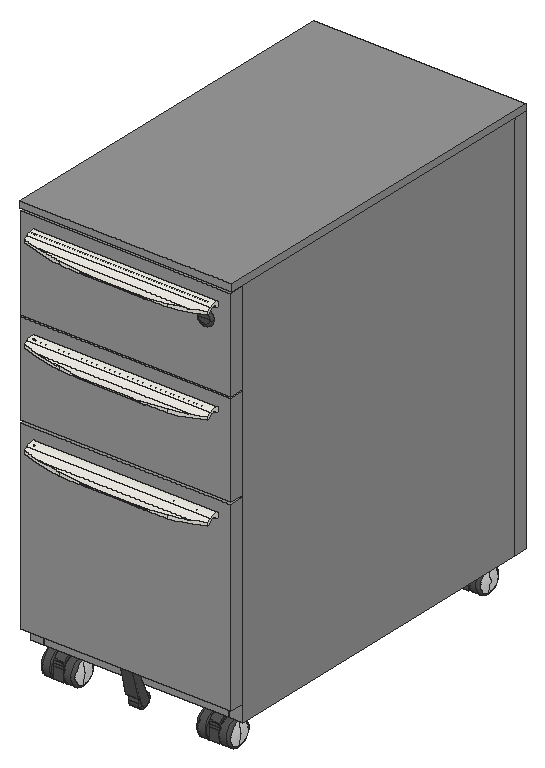
Revit family "Haworth_MSeries_Storage_Pedestal_AP_PRELIMINARY", category Furniture Systems, Revit 2019
Family settings
  Round Connector Dimension = Use Diameter
  Part Type = Normal
  OmniClass Number = 23.40.70.14.64.21
  OmniClass Title = Systems Furniture
  Work Plane-Based = No
  Always vertical = Yes
  Cut with Voids When Loaded = No
  Shared = No
  Room Calculation Point = No
Parameters (values of type "600h 300w 520d")
  with Pull [instance] = not(Side Recess Pull)  # yes
  With Lock = yes
  Warranty = "http://www.haworth.com/resources/product-info/warranties"
  URL - Product = "https://www.haworth.com/ap/en/products/office-drawers/m-series.html"
  URL = "https://www.haworth.com/ap/en.html"
  Tutti Pull [instance] = not(or(Premise Pull, Side Recess Pull))  # no
  Trim Finish = Haworth _ Polymer _ Black
  Total Drawer Height = Actual Height - Bottom Case Offset - Case Thickness - 6 mm  # 530 mm
  Top Thickness = 19 mm  # constant formula
  Top Drawer Height = if(or(Box Box File, Box File), Middle Drawer Height, Bottom Drawer Height)  # 131 mm
  Top Case Back Control = 0 mm
  Standard Storage Height = if(Small, 503 mm, if(Medium, 600 mm, 695 mm))  # 600 mm
  Small = no
  Slim Style = yes
  Size = "Verify Final Dim. w/ Haworth"  # constant formula
  Side Recess Pull [instance] = no
  Side Case Back Control = 19.05 mm
  Revision Number = "1"  # constant formula
  Pull Finish = Haworth _ Paint _ Smooth Plaster
  Premise Pull [instance] = yes
  Normal Style = not(Slim Style)  # no
  Medium = not(or(Large, Small))  # yes
  Large = no
  Inner Drawer = Haworth _ Polymer _ Black
  Glide Control = no
  Cushion Height = if(Mobile, 0 mm, 10 mm)  # 0 mm
  Cushion Finish [instance] = Haworth _ Fabric _ Undecided _ Cushion
  Cushion [instance] = no
  Model = "STMSPXXN"  # constant formula
  Mobile = yes
  Min. Width = 300 mm  # constant formula
  Min. Height = 503 mm  # constant formula
  Min. Depth = if(Slim Style, 520 mm, 525 mm)  # 520 mm
  Middle Drawer Height = if(Box File, (Total Drawer Height - Distance Between Drawer) / 3, (Total Drawer Height - Distance Between Drawer) / 4)  # 131 mm
  Bottom Drawer Offset = Bottom Case Offset + Case Thickness + 3 mm  # 67 mm
  Bottom Drawer Height = if(Box File, (Total Drawer Height - Distance Between Drawer) * 2 / 3, (Total Drawer Height - Distance Between Drawer) / 2)  # 262 mm
  Back Case Back Control = 0 mm
  3 Drawer Control = Box Box File  # yes
  Max. Width = 395 mm  # constant formula
  Max. Depth = 525 mm  # constant formula
  Max. Height = 695 mm  # constant formula
  Manufacturer = "Haworth"  # constant formula
  Linear Pull Length = 200 mm  # constant formula
  Glide Finish = Haworth _ Polymer _ Black
  Front Finish [instance] = Haworth _ Laminate _ Undecided _ Storage
  Drawer Width = Actual Width - 3 mm  # 297 mm
  Distance Between Drawer = if(Box Box File, 6 mm, 3 mm)  # 6 mm
  Description = "Haworth - M Series - Storage - Pedestal "  # constant formula
  Depth = if(Normal Style, 525 mm, 520 mm)  # 520 mm
  Custom Size = no
  Premise Pull Length = 4.4 mm  # constant formula
  Casters Side Offset = 40 mm  # constant formula
  Caster Front Offset = 48 mm  # constant formula
  Caster Finish = Haworth _ Polymer _ Black
  Caster Back Offset = 30 mm  # constant formula
  Case Thickness = 19 mm  # constant formula
  Case Finish [instance] = Haworth _ Laminate _ Undecided _ Storage
  Box File = no
  Box Box File = not(Box File)  # yes
  Bottom Case Offset = 45 mm
  Back Case Side Control = 0 mm
  Author = "Haworth (Abd Rahman)"  # constant formula
  Attached = Actual Height > 650 mm  # no
  Assembly Code = "E2020200"
  Actual Width = 300 mm
  Actual Height = 600 mm
  Actual Depth = if(Depth > Max. Depth, Max. Depth, if(Depth < Min. Depth, Min. Depth, Depth))  # 520 mm
Reference planes
  plane 1: z = 0
  plane 2 "Center L/R": x = -156.859
  plane 3 "Center F/B": y = -292.1
  plane 4 "Top": z = 600
  plane 5 "Back": y = -32.1
  plane 6 "Front": y = -552.1
  plane 7 "Right": x = -6.859
  plane 8 "Left": x = -306.859
  plane 9 "Case Inside Left": x = -287.859
  plane 10 "Case Inside Right": x = -25.859
  plane 11 "Case Inside Back": y = -51.1
  plane 12 "Case Bottom": z = 45
  plane 13 "Casters Left": x = -266.859
  plane 14 "Casters Right": x = -46.859
  plane 15 "Case Inside Front": y = -533.1
  plane 16 "Inside Case Bottom": z = 64
  plane 17 "Inside Case Top": z = 581
  plane 18 "Caster Front": y = -504.1
  plane 19 "Caster Back": y = -62.1
  plane 20 "Top of Top Drawer": z = 596.825
  plane 21 "Bottom of Bottom Drawer": z = 67.175
  plane 22: y = -96.6
  plane 23: y = -471.6
  plane 24: z = 430
  plane 25: z = 530
  plane 26: y = -96.6
  plane 27: y = -471.6
  plane 28 "Upper Top": z = 610
  plane 29 "Cushion Bottom": z = 610
  plane 30: x = -194.798
  plane 31: x = -118.92
  plane 32: y = -80.1
  plane 33: y = -522.1
  plane 34 "Inner Drawer Bottom": z = 130
Forms (mm)
  Sweep 1, solid, material "Haworth _ Polymer _ Black" <- "Glide Finish", visible <- "Glide Control"
    path origin (-287.859, 0, 0) x (0, 1, 0) y (0, 0, 1)
      loop
        line (-533.1, 45) -> (-533.1, 5)
    profile origin (-287.859, -533.1, 25) x (1, 0, 0) y (0, 1, 0)
      loop
        circle (21, 29) r 20
  Sweep 2, solid, material "Haworth _ Polymer _ Black" <- "Glide Finish", visible <- "Glide Control"
    path origin (-287.859, -584.2, 0) x (0, -1, 0) y (0, 0, 1)
      loop
        line (-533.1, 45) -> (-533.1, 5)
    profile origin (-287.859, -51.1, 25) x (1, 0, 0) y (0, 1, 0)
      loop
        circle (21, -11) r 20
  Sweep 3, solid, material "Haworth _ Polymer _ Black" <- "Glide Finish", visible <- "Glide Control"
    path origin (-25.859, 0, 0) x (0, -1, 0) y (0, 0, 1)
      loop
        line (533.1, 45) -> (533.1, 5)
    profile origin (-25.859, -533.1, 25) x (-1, 0, 0) y (0, -1, 0)
      loop
        circle (21, -29) r 20
  Sweep 4, solid, material "Haworth _ Polymer _ Black" <- "Glide Finish", visible <- "Glide Control"
    path origin (-25.859, 0, 0) x (0, -1, 0) y (0, 0, 1)
      loop
        line (51.1, 45) -> (51.1, 5)
    profile origin (-25.859, -51.1, 25) x (-1, 0, 0) y (0, -1, 0)
      loop
        circle (21, 11) r 20
  Sweep 5, solid, material "Haworth _ Laminate _ Undecided _ Storage" <- "Case Finish"
    path origin (0, 0, 45) x (0, -1, 0) y (1, 0, 0)
      loop
        line (552.1, -306.859) -> (552.1, -287.859)
    profile origin (-297.359, -552.1, 45) x (0, 1, 0) y (0, 0, 1)
      loop
        line (19, 555) -> (19, 0) -> (500.95, 0) -> (500.95, 555) -> (19, 555)
  Sweep 6, solid, material "Haworth _ Laminate _ Undecided _ Storage" <- "Case Finish"
    path origin (-313.718, 0, 45) x (0, -1, 0) y (-1, 0, 0)
      loop
        line (552.1, -306.859) -> (552.1, -287.859)
    profile origin (-16.359, -552.1, 45) x (0, -1, 0) y (0, 0, 1)
      loop
        line (-19, 555) -> (-500.95, 555) -> (-500.95, 0) -> (-19, 0) -> (-19, 555)
  Sweep 7, solid, material "Haworth _ Laminate _ Undecided _ Storage" <- "Case Finish"
    path origin (0, 0, 45) x (0, -1, 0) y (1, 0, 0)
      loop
        line (51.1, -156.859) -> (32.1, -156.859)
    profile origin (-156.859, -41.6, 45) x (-1, 0, 0) y (0, 0, 1)
      loop
        line (-150, 0) -> (150, 0) -> (150, 555) -> (-150, 555) -> (-150, 0)
  Extrusion 8, solid, material "Haworth _ Laminate _ Undecided _ Storage" <- "Case Finish", visible <- "Mobile"
    sketch origin (0, 0, 45) x (0, -1, 0) y (1, 0, 0)
      loop
        line (51.1, -287.859) -> (533.1, -287.859) -> (533.1, -25.859) -> (51.1, -25.859) -> (51.1, -287.859)
    from 536 to 555
  Extrusion 9, solid, material "Haworth _ Polymer _ Black" <- "Glide Finish", visible <- "Mobile"
    sketch origin (57.271, 28.842, -41.811) x (0, 1, 0) y (0, 0, 1)
      loop
        circle (-558.415, 63.051) r 10
    from -206.417 to -220.417
  Extrusion 10, solid, material "Haworth _ Polymer _ Black" <- "Glide Finish", visible <- "Mobile"
    sketch origin (40.641, -2.418, -25.841) x (0, 1, 0) y (0, 0, 1)
      loop
        line (-521.203, 47.854) -> (-534.764, 78.052) -> (-534.764, 93.016) -> (-545.6, 93.016) -> (-548.763, 92.216) -> (-539.554, 55.782) -> (-537.179, 56.382) -> (-532.754, 44.69)
        arc (-532.754, 44.69) -> (-525.539, 41.017) -> (-521.203, 47.854) r 6.015
    from -205.622 to -187.937
  Extrusion 11, solid, material "Haworth _ Laminate _ Undecided _ Storage" <- "Case Finish", visible <- "Attached"
    sketch origin (0, 0, 581) x (0, -1, 0) y (1, 0, 0)
      loop
        line (51.1, -287.859) -> (96.6, -287.859) -> (96.6, -25.859) -> (51.1, -25.859) -> (51.1, -287.859)
      loop
        line (533.1, -287.859) -> (533.1, -25.859) -> (471.6, -25.859) -> (471.6, -287.859) -> (533.1, -287.859)
    from 0 to 19
  Extrusion 12, solid, material "Haworth _ Polymer _ Black" <- "Inner Drawer", visible <- "Attached"
    sketch origin (0, 0, 581) x (0, -1, 0) y (1, 0, 0)
      loop
        line (533.1, -287.859) -> (533.1, -25.859) -> (51.1, -25.859) -> (51.1, -287.859) -> (533.1, -287.859)
      loop
        line (522.1, -266.859) -> (522.1, -46.859) -> (62.1, -46.859) -> (62.1, -266.859) -> (522.1, -266.859)
    from -451 to -51
  Extrusion 13, solid, material "Haworth _ Polymer _ Black" <- "Inner Drawer", visible <- "Attached"
    sketch origin (0, 0, 581) x (0, -1, 0) y (1, 0, 0)
      loop
        line (504.1, -266.859) -> (504.1, -46.859) -> (62.1, -46.859) -> (62.1, -266.859) -> (504.1, -266.859)
    from -451 to -151
  Extrusion 14, solid, material "Haworth _ Laminate _ Undecided _ Storage" <- "Case Finish"
    sketch origin (0, 0, 94.134) x (1, 0, 0) y (0, 1, 0)
      loop
        line (-287.859, -51.1) -> (-287.859, -96.6) -> (-25.859, -96.6) -> (-25.859, -51.1) -> (-287.859, -51.1)
      loop
        line (-287.859, -533.1) -> (-25.859, -533.1) -> (-25.859, -471.6) -> (-287.859, -471.6) -> (-287.859, -533.1)
    from -49.134 to -30.134
  Extrusion 15, solid, material "Haworth _ Laminate _ Undecided _ Storage" <- "Case Finish", visible <- "Mobile"
    sketch origin (0, 0, 581) x (0, -1, 0) y (1, 0, 0)
      loop
        line (32.1, -306.859) -> (552.1, -306.859) -> (552.1, -6.859) -> (32.1, -6.859) -> (32.1, -306.859)
    from 19 to 29
  Extrusion 16, void
    sketch origin (0, 0, 581) x (0, -1, 0) y (1, 0, 0)
      loop
        circle (504.1, -194.798) r 6
      loop
        circle (504.1, -118.92) r 6
      loop
        circle (80.1, -194.798) r 6
      loop
        circle (80.1, -118.92) r 6
    from -51 to 19
Cuts and joins
  Extrusion 16 cuts Extrusion 8
  Extrusion 16 cuts Extrusion 11
  joined: Extrusion 12, Extrusion 13
Lines and regions (mm)
  Masking region 1
    outline origin (0, 0, 581) x (0, -1, 0) y (1, 0, 0)
      loop
        line (32.1, -306.859) -> (552.1, -306.859) -> (552.1, -6.859) -> (32.1, -6.859) -> (32.1, -306.859)
  symbolic lines, style "Haworth", detail levels medium+fine
    curve 1: line (-306.859, -533.1, 581) -> (-6.859, -533.1, 581)
Dimensions and locks
  equal spacing: plane 8 "Left", plane 2 "Center L/R", plane 7 "Right"
  "Actual Width": plane 8 "Left" to plane 7 "Right"
  equal spacing: plane 5 "Back", plane 3 "Center F/B", plane 6 "Front"
  "Actual Depth": plane 5 "Back" to plane 6 "Front"
  "Case Thickness": plane 9 "Case Inside Left" to plane 8 "Left"
  "Case Thickness": plane 10 "Case Inside Right" to plane 7 "Right"
  "Bottom Case Offset": plane 12 "Case Bottom" to plane 1
  "Casters Side Offset": plane 13 "Casters Left" to plane 8 "Left"
  "Casters Side Offset": plane 14 "Casters Right" to plane 7 "Right"
  "Case Thickness": plane 11 "Case Inside Back" to plane 5 "Back"
  "Case Thickness": plane 6 "Front" to plane 15 "Case Inside Front"
  Sweep 1 sketch curve to plane 12 "Case Bottom" = 40 mm
  Sweep 2 sketch curve to plane 12 "Case Bottom" = 40 mm
  Sweep 4 sketch curve to plane 12 "Case Bottom" = 40 mm
  Sweep 3 sketch curve to plane 12 "Case Bottom" = 40 mm
  "Case Thickness": plane 16 "Inside Case Bottom" to plane 12 "Case Bottom"
  "Top Thickness": plane 4 "Top" to plane 17 "Inside Case Top"
  "Side Case Back Control": Sweep 5 sketch curve to plane 5 "Back"
  "Side Case Back Control": Sweep 6 sketch curve to plane 5 "Back"
  "Back Case Side Control": Sweep 7 sketch curve to plane 7 "Right"
  "Back Case Side Control": Sweep 7 sketch curve to plane 8 "Left"
  "Caster Back Offset": plane 19 "Caster Back" to plane 5 "Back"
  "Caster Front Offset": plane 6 "Front" to plane 18 "Caster Front"
  "Actual Height": plane 4 "Top" to plane 1
  locked: plane 4 "Top" to plane 20 "Top of Top Drawer" at 3.175
  locked: plane 21 "Bottom of Bottom Drawer" to plane 16 "Inside Case Bottom" at 3.175
  locked: nested 6 to nested 5 at 3.175
  "Case Thickness": Sweep 7 sketch curve to Sweep 7 sketch curve
  "Back Case Back Control": plane 5 "Back" to Sweep 7 sketch curve
  "Top Case Back Control": Extrusion 8 sketch curve to plane 11 "Case Inside Back"
  Extrusion 8 to plane 23 = 61.5 mm
  plane 22 to Extrusion 8 = 45.5 mm
  plane 4 "Top" to plane 25 to plane 24 = 70 mm locked, 100 mm locked
  locked: plane 28 "Upper Top" to plane 4 "Top" at 10
  "Cushion Height": plane 28 "Upper Top" to plane 29 "Cushion Bottom"
  locked: plane 8 "Left" to plane 30 at 112.061
  locked: plane 31 to plane 7 "Right" at 112.061
  locked: plane 32 to plane 5 "Back" at 48
  locked: plane 15 "Case Inside Front" to plane 33 at 11
  locked: plane 34 "Inner Drawer Bottom" to level at 130
  aligned and locked: Sweep 1 sketch curve to plane 15 "Case Inside Front"
  aligned and locked: plane 12 "Case Bottom" to Sweep 1 sketch curve
  aligned and locked: plane 11 "Case Inside Back" to Sweep 2 sketch curve
  aligned and locked: plane 12 "Case Bottom" to Sweep 2 sketch curve
  aligned and locked: plane 11 "Case Inside Back" to Sweep 4 sketch curve
  aligned and locked: plane 12 "Case Bottom" to Sweep 4 sketch curve
  aligned and locked: Sweep 3 sketch curve to plane 15 "Case Inside Front"
  aligned and locked: plane 12 "Case Bottom" to Sweep 3 sketch curve
  aligned and locked: plane 8 "Left" to Sweep 5 sketch curve
  aligned and locked: plane 9 "Case Inside Left" to Sweep 5 sketch curve
  aligned and locked: Sweep 5 sketch curve to plane 6 "Front"
  aligned and locked: Sweep 5 sketch curve to plane 4 "Top"
  aligned and locked: plane 6 "Front" to Sweep 6 sketch curve
  aligned and locked: plane 7 "Right" to Sweep 6 sketch curve
  aligned and locked: plane 10 "Case Inside Right" to Sweep 6 sketch curve
  aligned and locked: Sweep 6 sketch curve to plane 4 "Top"
  aligned and locked: plane 2 "Center L/R" to Sweep 7 sketch curve
  aligned and locked: plane 4 "Top" to Sweep 7 sketch curve
  aligned and locked: plane 10 "Case Inside Right" to Extrusion 8 sketch curve
  aligned and locked: plane 9 "Case Inside Left" to Extrusion 8 sketch curve
  aligned and locked: plane 4 "Top" to Extrusion 8
  aligned and locked: plane 17 "Inside Case Top" to Extrusion 8
  aligned and locked: nested 3 to plane 12 "Case Bottom"
  aligned and locked: nested 1 to plane 12 "Case Bottom"
  aligned and locked: nested 4 to plane 12 "Case Bottom"
  aligned and locked: nested 2 to plane 12 "Case Bottom"
  aligned and locked: plane 19 "Caster Back" to nested 3
  aligned and locked: plane 19 "Caster Back" to nested 4
  aligned and locked: nested 1 to plane 18 "Caster Front"
  aligned and locked: nested 2 to plane 18 "Caster Front"
  aligned and locked: plane 13 "Casters Left" to nested 1
  aligned and locked: plane 13 "Casters Left" to nested 3
  aligned and locked: nested 2 to plane 14 "Casters Right"
  aligned and locked: nested 4 to plane 14 "Casters Right"
  aligned and locked: Masking region 1 sketch curve to plane 7 "Right"
  aligned and locked: Masking region 1 sketch curve to plane 5 "Back"
  aligned and locked: plane 8 "Left" to Masking region 1 sketch curve
  aligned and locked: plane 6 "Front" to Masking region 1 sketch curve
  aligned and locked: curve 1 to plane 15 "Case Inside Front"
  aligned and locked: plane 15 "Case Inside Front" to Extrusion 8 sketch curve
  aligned and locked: plane 15 "Case Inside Front" to Sweep 6 sketch curve
  aligned and locked: plane 15 "Case Inside Front" to Sweep 5 sketch curve
  aligned and locked: nested 7 to plane 20 "Top of Top Drawer"
  aligned and locked: plane 6 "Front" to nested 5
  aligned and locked: plane 6 "Front" to nested 6
  aligned and locked: plane 6 "Front" to nested 7
  aligned and locked: plane 2 "Center L/R" to nested 7
  aligned and locked: plane 2 "Center L/R" to nested 6
  aligned and locked: plane 2 "Center L/R" to nested 5
  aligned and locked: plane 13 "Casters Left" to Sweep 2 sketch curve
  aligned and locked: plane 19 "Caster Back" to Sweep 2 sketch curve
  aligned and locked: plane 19 "Caster Back" to Sweep 4 sketch curve
  aligned and locked: plane 14 "Casters Right" to Sweep 4 sketch curve
  aligned and locked: plane 14 "Casters Right" to Sweep 3 sketch curve
  aligned and locked: plane 18 "Caster Front" to Sweep 3 sketch curve
  aligned and locked: plane 13 "Casters Left" to Sweep 1 sketch curve
  aligned and locked: plane 18 "Caster Front" to Sweep 1 sketch curve
  aligned and locked: plane 23 to Extrusion 11 sketch curve
  aligned and locked: Extrusion 11 sketch curve to plane 15 "Case Inside Front"
  aligned and locked: Extrusion 11 sketch curve to plane 10 "Case Inside Right"
  aligned and locked: Extrusion 11 sketch curve to plane 9 "Case Inside Left"
  aligned and locked: plane 10 "Case Inside Right" to Extrusion 11 sketch curve
  aligned and locked: plane 9 "Case Inside Left" to Extrusion 11 sketch curve
  aligned and locked: plane 11 "Case Inside Back" to Extrusion 11 sketch curve
  aligned and locked: Extrusion 11 sketch curve to plane 22
  aligned and locked: plane 17 "Inside Case Top" to Extrusion 11
  aligned and locked: plane 4 "Top" to Extrusion 11
  aligned and locked: plane 9 "Case Inside Left" to Extrusion 12 sketch curve
  aligned and locked: plane 10 "Case Inside Right" to Extrusion 12 sketch curve
  aligned and locked: plane 13 "Casters Left" to Extrusion 12 sketch curve
  aligned and locked: plane 14 "Casters Right" to Extrusion 12 sketch curve
  aligned and locked: Extrusion 12 to plane 25
  aligned and locked: plane 11 "Case Inside Back" to Extrusion 12 sketch curve
  aligned and locked: plane 19 "Caster Back" to Extrusion 12 sketch curve
  aligned and locked: Extrusion 13 to plane 14 "Casters Right"
  aligned and locked: Extrusion 13 to plane 13 "Casters Left"
  aligned and locked: Extrusion 14 sketch curve to plane 27
  aligned and locked: plane 26 to Extrusion 14 sketch curve
  aligned and locked: plane 12 "Case Bottom" to Extrusion 14
  aligned and locked: plane 16 "Inside Case Bottom" to Extrusion 14
  aligned and locked: Sweep 6 sketch curve to plane 12 "Case Bottom"
  aligned and locked: Sweep 7 sketch curve to plane 12 "Case Bottom"
  aligned and locked: Sweep 5 sketch curve to plane 12 "Case Bottom"
  aligned and locked: Extrusion 10 sketch curve to plane 21 "Bottom of Bottom Drawer"
  aligned and locked: plane 2 "Center L/R" to nested 8
  aligned and locked: plane 3 "Center F/B" to nested 8
  aligned and locked: plane 8 "Left" to Extrusion 15 sketch curve
  aligned and locked: Extrusion 15 sketch curve to plane 5 "Back"
  aligned and locked: Extrusion 15 sketch curve to plane 7 "Right"
  aligned and locked: plane 6 "Front" to Extrusion 15 sketch curve
  aligned and locked: Extrusion 15 to plane 4 "Top"
  aligned and locked: Extrusion 15 to plane 28 "Upper Top"
  aligned and locked: plane 29 "Cushion Bottom" to nested 8
  aligned and locked: plane 18 "Caster Front" to Extrusion 16 sketch curve  (x2)
  aligned and locked: plane 30 to Extrusion 16 sketch curve  (x2)
  aligned and locked: plane 32 to Extrusion 16 sketch curve  (x2)
  aligned and locked: plane 31 to Extrusion 16 sketch curve  (x2)
  aligned and locked: plane 25 to Extrusion 16
  aligned and locked: plane 33 to Extrusion 12 sketch curve
  aligned and locked: Extrusion 12 sketch curve to plane 15 "Case Inside Front"
  aligned and locked: plane 34 "Inner Drawer Bottom" to Extrusion 12
  aligned and locked: Extrusion 13 sketch curve to plane 18 "Caster Front"
  aligned and locked: plane 13 "Casters Left" to Extrusion 13 sketch curve
  aligned and locked: plane 19 "Caster Back" to Extrusion 13 sketch curve
  aligned and locked: plane 14 "Casters Right" to Extrusion 13 sketch curve
  aligned and locked: plane 34 "Inner Drawer Bottom" to Extrusion 13
  aligned and locked: plane 24 to Extrusion 13
  aligned and locked: plane 4 "Top" to Extrusion 16
Automatic sketch dimensions
  curve 1 to plane 8 "Left" = 0 mm
  curve 1 to plane 7 "Right" = 0 mm
  plane 15 "Case Inside Front" to Extrusion 9 sketch curve = 3.527 mm
  level to Extrusion 9 sketch curve = 21.24 mm
  Extrusion 14 sketch curve to plane 9 "Case Inside Left" = 0 mm  (x2)
  Extrusion 14 sketch curve to plane 10 "Case Inside Right" = 0 mm  (x2)
  Extrusion 14 sketch curve to plane 15 "Case Inside Front" = 0 mm
  plane 11 "Case Inside Back" to Extrusion 14 sketch curve = 0 mm
  Extrusion 10 sketch curve to plane 21 "Bottom of Bottom Drawer" = 0.799 mm
  plane 6 "Front" to Extrusion 10 sketch curve = 0.919 mm
  Extrusion 10 sketch curve to plane 15 "Case Inside Front" = 8.873 mm
  Extrusion 10 sketch curve to Extrusion 10 sketch curve = 2.375 mm
  Extrusion 10 sketch curve to plane 15 "Case Inside Front" = 4.082 mm
  Extrusion 10 sketch curve to plane 15 "Case Inside Front" = 2.072 mm
  plane 15 "Case Inside Front" to Extrusion 10 sketch curve = 3.554 mm
  Extrusion 10 sketch curve to Extrusion 10 sketch curve = 5.926 mm
  Extrusion 10 sketch curve to plane 12 "Case Bottom" = 7.211 mm
  plane 12 "Case Bottom" to Extrusion 10 sketch curve = 14.459 mm
  Extrusion 10 sketch curve to Extrusion 10 sketch curve = 0.6 mm
  Extrusion 10 sketch curve to Extrusion 10 sketch curve = 8.528 mm
  Extrusion 10 sketch curve to Extrusion 10 sketch curve = 1.036 mm
  radius of Sweep 1 sketch curve = 20 mm
  radius of Sweep 2 sketch curve = 20 mm
  radius of Sweep 3 sketch curve = 20 mm
  radius of Sweep 4 sketch curve = 20 mm
  radius of Extrusion 9 sketch curve = 10 mm
  radius of Extrusion 16 sketch curve = 6 mm  (x4)
Nested families
  nested 1: "Haworth_BeHold_Casters_PART" at (-266.859, -533.203, 0.55), visible <- "Mobile", type "Casters"
  nested 2: "Haworth_BeHold_Casters_PART" at (-46.859, -533.203, 0.55), visible <- "Mobile", type "Casters"
  nested 3: "Haworth_BeHold_Casters_PART" at (-266.859, -91.203, 0.55), visible <- "Mobile", type "Casters"
  nested 4: "Haworth_BeHold_Casters_PART" at (-46.859, -91.203, 0.55), visible <- "Mobile", type "Casters"
  nested 5: "Haworth_MSeries_Drawer_PART" at (-156.859, -523.217, 67), Drawer Height <- "Bottom Drawer Height", built-in parameter 1001364 <- "Bottom Drawer Offset", type "Haworth_Drawer - Without Lock"
    with Pull Height 219.931 mm, Drawer Height 262 mm, Drawer Width 297 mm
  nested 6: "Haworth_MSeries_Drawer_PART" at (-156.859, -523.217, 332.175), Drawer Height <- "Middle Drawer Height", visible <- "3 Drawer Control", type "Haworth_Drawer - Without Lock"
    with Pull Height 88.931 mm, Drawer Height 131 mm, Drawer Width 297 mm
  nested 7: "Haworth_MSeries_Drawer_PART" at (-156.859, -523.217, 465.825), Drawer Height <- "Top Drawer Height", type "Haworth_Drawer"
    with Pull Height 88.931 mm, Drawer Height 131 mm, Linear Pull no, Drawer Width 297 mm
  nested 8: "Haworth_M_Series_Cushion_BUILD" at (-156.859, -292.1, 0.4), visible <- "Cushion", type "450w 800d"
    with Mounting Offset 609.6 mm
Definition of nested family "Haworth_BeHold_Casters_PART"
  Parameters (values of type "Casters")
    Warranty = "http://www.haworth.com/product-info/warranties"
    Version = "1"  # constant formula
    URL - Product = ""
    URL = "http://www.haworth.com/our-brands/haworth-collection"
    Size = "Verify Final Dim. w/ Haworth"  # constant formula
    Model = "Haworth Be_Hold"  # constant formula
    Manufacturer = "Haworth"  # constant formula
    Description = "Haworth Be_Hold Casters - Part"
    Caster Finish = none
    Author = "Haworth (Alias)"  # constant formula
    Assembly Code = "E2020200"
  Reference planes
    plane 1 "Center Front/Back": y = 29.103
    plane 2: z = 0
    plane 3 "Center Left/Right": x = 0
    plane 4 "Caster Center": y = 14.953
    plane 5 "Center Height": z = 18.5
  Forms (mm)
    Revolve 1, solid, material <- "Caster Finish"
      sketch origin (0, 14.953, 0) x (-1, 0, 0) y (0, 0, 1)
        loop
          line (-25.2, 18.5) -> (25.2, 18.5)
          arc (25.2, 18.5) -> (24.769, 26.351) -> (23.6, 34.126) r 83.182
          arc (23.6, 34.126) -> (22.362, 36.189) -> (20.097, 37) r 3.572
          line (20.097, 37) -> (9.891, 37)
          arc (9.891, 37) -> (9.049, 36.651) -> (8.701, 35.809) r 1.191
          line (8.701, 35.809) -> (8.701, 25.65) -> (5.201, 25.65) -> (5.201, 23.954) -> (-5.2, 23.954) -> (-5.2, 25.65) -> (-8.699, 25.65) -> (-8.699, 35.809)
          arc (-8.699, 35.809) -> (-9.048, 36.651) -> (-9.89, 37) r 1.191
          line (-9.89, 37) -> (-20.076, 37)
          arc (-20.076, 37) -> (-22.358, 36.184) -> (-23.604, 34.105) r 3.596
          arc (-23.604, 34.105) -> (-24.77, 26.34) -> (-25.2, 18.5) r 83.182
        axis (25.2, 18.5) -> (-25.2, 18.5)
      angle from 0 to 360
    Revolve 2, solid, material <- "Caster Finish"
      sketch origin (0, 29.103, 0) x (1, 0, 0) y (0, 0, 1)
        loop
          line (0, 41.15) -> (0, 32.85) -> (4.674, 32.85) -> (4.674, 34.65) -> (6.224, 34.65)
          arc (6.224, 34.65) -> (7.435, 36.483) -> (7.07, 38.65) r 2.998
          line (7.07, 38.65) -> (4.5, 38.65) -> (10.999, 41.15) -> (0, 41.15)
        axis (0, 41.15) -> (0, 32.85)
      angle from 0 to 360
    Sweep 3, solid, material <- "Caster Finish"
      path origin (0, 0, 0) x (1, 0, 0) y (0, 1, 0)
        loop
          line (-7, 14.953) -> (7, 14.953)
      profile origin (0, 14.953, 0) x (0, 1, 0) y (0, 0, 1)
        loop
          line (20.977, 32.85) -> (6.05, 32.85) -> (6.05, 36.85) -> (0, 36.85)
          arc (0, 36.85) -> (-7.561, 35.22) -> (-13.778, 30.62) r 18.35
          arc (-13.778, 30.62) -> (-14.089, 30.124) -> (-14.226, 29.554) r 1.821
          line (-14.226, 29.554) -> (-14.532, 25.512)
          arc (-14.532, 25.512) -> (-14.621, 23.953) -> (-14.65, 22.392) r 41.348
          line (-14.65, 22.392) -> (-14.65, 6.05) -> (17.008, 6.05)
          arc (17.008, 6.05) -> (19.814, 7.212) -> (20.977, 10.019) r 3.969
          line (20.977, 10.019) -> (20.977, 32.85)
    Extrusion 4, solid, material <- "Caster Finish"
      sketch origin (0, 0, 0) x (1, 0, 0) y (0, 1, 0)
        loop
          arc (-19.945, 44.352) -> (-23.873, 42.725) -> (-25.501, 38.796) r 5.556
          line (-25.501, 38.796) -> (-25.501, 19.409)
          arc (-25.501, 19.409) -> (-23.873, 15.48) -> (-19.945, 13.853) r 5.556
          line (-19.945, 13.853) -> (19.901, 13.853)
          arc (19.901, 13.853) -> (23.86, 15.493) -> (25.5, 19.452) r 5.599
          line (25.5, 19.452) -> (25.5, 38.796)
          arc (25.5, 38.796) -> (23.872, 42.725) -> (19.943, 44.352) r 5.556
          line (19.943, 44.352) -> (-19.945, 44.352)
      from 41.15 to 44.45
  Lines and regions (mm)
    Masking region 1
      outline origin (0, 0, 0) x (1, 0, 0) y (0, 1, 0)
        loop
          line (-9.891, 33.453) -> (-20.097, 33.453)
          arc (-20.097, 33.453) -> (-22.373, 32.633) -> (-23.605, 30.551) r 3.572
          arc (-23.605, 30.551) -> (-25.081, 14.953) -> (-23.605, -0.645) r 83.145
          arc (-23.605, -0.645) -> (-22.373, -2.728) -> (-20.097, -3.547) r 3.572
          line (-20.097, -3.547) -> (-9.891, -3.547)
          arc (-9.891, -3.547) -> (-9.049, -3.198) -> (-8.701, -2.356) r 1.191
          line (-8.701, -2.356) -> (-8.701, 7.803) -> (-5.201, 7.803) -> (-5.201, 9.499) -> (5.2, 9.499) -> (5.2, 7.803) -> (8.699, 7.803) -> (8.699, -2.356)
          arc (8.699, -2.356) -> (9.048, -3.198) -> (9.89, -3.547) r 1.191
          line (9.89, -3.547) -> (20.076, -3.547)
          arc (20.076, -3.547) -> (22.356, -2.733) -> (23.603, -0.658) r 3.596
          arc (23.603, -0.658) -> (25.081, 14.953) -> (23.603, 30.564) r 83.145
          arc (23.603, 30.564) -> (22.356, 32.639) -> (20.076, 33.453) r 3.596
          line (20.076, 33.453) -> (9.89, 33.453)
          arc (9.89, 33.453) -> (9.048, 33.104) -> (8.699, 32.262) r 1.191
          line (8.699, 32.262) -> (8.699, 22.103) -> (5.2, 22.103) -> (5.2, 20.407) -> (-5.201, 20.407) -> (-5.201, 22.103) -> (-8.701, 22.103) -> (-8.701, 32.262)
          arc (-8.701, 32.262) -> (-9.049, 33.104) -> (-9.891, 33.453) r 1.191
  Dimensions and locks
    locked: plane 5 "Center Height" to plane 2 at 18.5
    equal spacing: Sweep 3 sketch curve, plane 3 "Center Left/Right", Sweep 3 sketch curve, locked at 7 each
    aligned and locked: level to plane 2
    aligned and locked: plane 5 "Center Height" to Revolve 1 sketch curve
    aligned and locked: Revolve 1 sketch curve to plane 5 "Center Height"
    aligned and locked: Sweep 3 sketch curve to plane 4 "Caster Center"
    aligned and locked: Revolve 2 sketch curve to plane 3 "Center Left/Right"  (x2)
Definition of nested family "Haworth_MSeries_Drawer_PART"
  Parameters (values of type "Haworth_Drawer")
    with Pull = yes
    With Lock = yes
    Wing Pull Length = 211.138 mm
    Wing Pull = no
    Warranty = "http://www.haworth.com/resources/product-info/warranties"
    URL - Product = ""
    URL = "www.haworth.com"
    Trim Finish = none
    Side Recess = no
    Revision Number = "1"  # constant formula
    Pull Height [instance] = if(or(Wing Pull, Blade Pull), Drawer Height, Drawer Height - 42.069 mm)  # 262.731 mm
    Pull Finish = none
    Note = "Verify Final Dim. w/ Haworth"  # constant formula
    Model = "Haworth Be_Hold"  # constant formula
    Manufacturer = "Haworth"  # constant formula
    Lock Offset Top = 42.069 mm  # constant formula
    Lock Offset Side = 34.925 mm  # constant formula
    Linear Pull = yes
    Front Finish = none
    Front Edge Finish = none
    Ellipse Pull = yes
    Drawer Width = 392 mm
    Drawer Height [instance] = 304.8 mm
    Description = "Haworth - Be_Hold - Drawer"
    Cresent Pull = no
    Classic Pull Length = 4.4 mm
    Classic Pull = no
    Blade Pull Length = 390.413 mm
    Blade Pull = no
    Linear Pull Length = 200 mm
    Author = "Haworth (Alias)"  # constant formula
    Assembly Code = ""
  Types (2, lengths in mm): name | With Lock | Linear Pull
    Haworth_Drawer | yes | yes
    Haworth_Drawer - Without Lock | no | no
  Reference planes
    plane 1 "Drawer Back": y = -6.658
    plane 2: z = 0
    plane 3 "Center L/R": x = 0
    plane 4 "Drawer Front": y = -28.883
    plane 5 "Left": x = -196
    plane 6 "Right": x = 196
    plane 7 "Top": z = 304.8
    plane 8 "Hardware Start": y = -9.833
    plane 9 "Lock Side": x = 161.075
    plane 10 "Lock Horizontal": z = 262.731
    plane 11 "2": z = 284.956
  Forms (mm)
    Extrusion 1, solid, material <- "Front Finish", visible <- "with Pull"
      sketch origin (0, -28.883, 0) x (-1, 0, 0) y (0, 0, 1)
        loop
          line (-196, 304.8) -> (-196, 0) -> (196, 0) -> (196, 304.8) -> (-196, 304.8)
      from 0 to 19.05
    Revolve 2, solid, material <- "Trim Finish", visible <- "With Lock"
      sketch origin (0, 0, 262.731) x (-1, 0, 0) y (0, -1, 0)
        loop
          line (-161.075, 28.883) -> (-161.075, 32.057) -> (-169.014, 32.057)
          arc (-169.014, 32.057) -> (-171.259, 31.128) -> (-172.188, 28.883) r 3.174
          line (-172.188, 28.883) -> (-161.075, 28.883)
        axis (-161.075, 28.883) -> (-161.075, 32.057)
      angle from 0 to 360
  Lines and regions (mm)
    Masking region 1
      outline origin (0, 0, 262.731) x (-1, 0, 0) y (0, -1, 0)
        loop
          line (196, 9.833) -> (196, 28.883) -> (-196, 28.883) -> (-196, 9.833) -> (196, 9.833)
  Dimensions and locks
    equal spacing: plane 5 "Left", plane 3 "Center L/R", plane 6 "Right"
    "Drawer Width": plane 5 "Left" to plane 6 "Right"
    "Drawer Height": plane 7 "Top" to level
    locked: plane 1 "Drawer Back" to plane 8 "Hardware Start" at 3.175
    plane 4 "Drawer Front" to plane 1 "Drawer Back" = 22.225 mm
    plane 4 "Drawer Front" to plane 8 "Hardware Start" = 19.05 mm
    "Lock Offset Side": plane 9 "Lock Side" to plane 6 "Right"
    "Lock Offset Top": plane 7 "Top" to plane 10 "Lock Horizontal"
    locked: Revolve 2 sketch curve to plane 4 "Drawer Front" at 3.174
    locked: plane 9 "Lock Side" to Revolve 2 sketch curve at 11.113
    locked: plane 11 "2" to plane 10 "Lock Horizontal" at 22.225
    aligned and locked: Extrusion 1 sketch curve to plane 6 "Right"
    aligned and locked: plane 7 "Top" to Extrusion 1 sketch curve
    aligned and locked: Extrusion 1 sketch curve to plane 5 "Left"
    aligned and locked: Extrusion 1 sketch curve to plane 2
    aligned and locked: Extrusion 1 to plane 8 "Hardware Start"
    aligned and locked: Extrusion 1 to plane 4 "Drawer Front"
    aligned and locked: plane 9 "Lock Side" to Revolve 2 sketch curve  (x2)
    aligned and locked: Revolve 2 sketch curve to plane 4 "Drawer Front"
    aligned and locked: plane 3 "Center L/R" to nested 1
    aligned and locked: nested 1 to plane 4 "Drawer Front"
    aligned and locked: plane 6 "Right" to Masking region 1 sketch curve
    aligned and locked: plane 8 "Hardware Start" to Masking region 1 sketch curve
    aligned and locked: plane 4 "Drawer Front" to Masking region 1 sketch curve
    aligned and locked: plane 5 "Left" to Masking region 1 sketch curve
    aligned and locked: plane 3 "Center L/R" to nested 2
    aligned and locked: plane 11 "2" to nested 2
    aligned and locked: nested 2 to plane 4 "Drawer Front"
    aligned and locked: nested 3 to plane 7 "Top"
    aligned and locked: plane 3 "Center L/R" to nested 3
    aligned and locked: nested 3 to plane 4 "Drawer Front"
  Automatic sketch dimensions
    plane 8 "Hardware Start" to Revolve 2 sketch curve = 5.061 mm
    Revolve 2 sketch curve to Revolve 2 sketch curve = 10.541 mm
  Nested families
    nested 1: "Haworth_Drawer-Pulls_PART" at (0, -28.883, 262.731), built-in parameter 1001364 <- "Pull Height", visible <- "Linear Pull", type "Pull"
    nested 2: "Haworth_Drawer-Pulls" at (0, -28.883, 284.956), visible <- "Ellipse Pull", type "Pull"
      with Linear yes
    nested 3: "Haworth_Door-Panel_Swing" at (29.977, -20.126, 0) x (-1, 0, 0) z (0, 0, 1), visible <- "Side Recess", type "Door"
      with with Lock yes, Finger Pull Location 3.81 mm, Finger Pull no, Door Width 392 mm
  Definition of nested family "Haworth_Drawer-Pulls_PART"
    Parameters (values of type "Pull")
      Wing Pull Length = 211.138 mm
      Wing = no
      Warranty = "https://www.haworth.com/resources/product-info/warranties"
      URL = "https://www.haworth.com"
      Trim Finish = none
      Revision Number = "1"  # constant formula
      Model = "Haworth Be_Hold"  # constant formula
      Manufacturer = "Haworth"  # constant formula
      Linear Pull Length = 200 mm
      Linear = yes
      Description = "Haworth - Be_Hold - Pull Part"
      Cresent = no
      Classic Pull Length = 4.4 mm
      Classic = no
      Blade Pull Length = 390.413 mm
      Blade = no
      Author = "Haworth (Alias)"  # constant formula
      Assembly Code = ""
    Reference planes
      plane 1 "Center Front/Back": y = 0
      plane 2: z = 0
      plane 3 "Center Left/Right": x = 0
      plane 4 "Classic Left": x = -2.2
      plane 5 "Classic Right": x = 2.2
      plane 6 "Linear Left": x = -100
      plane 7 "Linear Right": x = 100
      plane 8 "Wing Right": x = 105.569
      plane 9 "Wing Left": x = -105.569
      plane 10 "Blade Left": x = -195.206
      plane 11 "Blade Right": x = 195.206
    Forms (mm)
      Extrusion 1, solid, material <- "Trim Finish", visible <- "Linear"
        sketch origin (0, 0, 3.175) x (1, 0, 0) y (0, 1, 0)
          loop
            line (-100, 0) -> (-100, -28.873)
            arc (-100, -28.873) -> (-99.157, -30.907) -> (-97.123, -31.75) r 2.877
            line (-97.123, -31.75) -> (97.137, -31.75)
            arc (97.137, -31.75) -> (99.161, -30.911) -> (100, -28.887) r 2.863
            line (100, -28.887) -> (100, 0) -> (74.6, 0) -> (74.6, -0.794) -> (-74.6, -0.794) -> (-74.6, 0) -> (-100, 0)
        from 0 to -6.35
      Extrusion 2, solid, material <- "Trim Finish", visible <- "Classic"
        sketch origin (0, 0, 9.525) x (1, 0, 0) y (0, 0, 1)
          loop
            line (-2.2, 0) -> (-2.2, -19.05)
            arc (-2.2, -19.05) -> (7.325, -9.525) -> (-2.2, 0) r 9.525
        from 0 to 25.4
      Extrusion 3, solid, material <- "Trim Finish", visible <- "Classic"
        sketch origin (0, 0, 9.525) x (-1, 0, 0) y (0, 0, -1)
          loop
            arc (-2.2, 0.034) -> (7.291, 9.525) -> (-2.2, 19.016) r 9.491
            line (-2.2, 19.016) -> (-2.2, 0.034)
        from 0 to 25.4
      Extrusion 4, solid, material <- "Trim Finish", visible <- "Classic"
        sketch origin (0, 0, 9.525) x (1, 0, 0) y (0, 0, 1)
          loop
            line (-2.2, 0) -> (-2.2, -19.05) -> (2.2, -19.05) -> (2.2, 0) -> (-2.2, 0)
        from 25.4 to 31.75
      Sweep 5, solid, material <- "Trim Finish", visible <- "Cresent"
        path origin (0, 0, 0) x (1, 0, 0) y (0, 1, 0)
          loop
            arc (-93.651, 0) -> (-0.001, -30.795) -> (93.649, 0) r 157.795
        profile origin (-0.001, -30.795, 0) x (0, 1, 0) y (0, 0, 1)
          loop
            circle (3.175, 0) r 3.175
      Sweep 6, solid, material <- "Trim Finish", visible <- "Wing"
        path origin (0, 0, 0) x (1, 0, 0) y (0, 1, 0)
          loop
            line (105.569, 0) -> (-105.569, 0)
        profile origin (0, 0, 0) x (0, -1, 0) y (0, 0, 1)
          loop
            line (0, -1.397) -> (18.146, -11.536)
            arc (18.146, -11.536) -> (21.705, -10.354) -> (20.207, -6.915) r 2.54
            line (20.207, -6.915) -> (0, 0) -> (0, -1.397)
      Extrusion 7, void
        sketch origin (0, 0, 0) x (1, 0, 0) y (0, 1, 0)
          loop
            line (-105.569, 0) -> (-105.569, -23.548) -> (-96.997, -23.548) -> (-105.569, 0)
          loop
            line (105.569, 0) -> (96.997, -23.548) -> (105.569, -23.548) -> (105.569, 0)
        from -14.628 to 0
      Sweep 8, solid, material <- "Trim Finish", visible <- "Blade"
        path origin (0, 0, 0) x (1, 0, 0) y (0, 0, 1)
          loop
            line (0, 0) -> (0, 2.381)
        profile origin (0, 0, 1.191) x (-1, 0, 0) y (0, -1, 0)
          loop
            line (195.206, -19.05) -> (195.206, 10.307)
            arc (195.206, 10.307) -> (194.273, 12.56) -> (192.02, 13.494) r 3.187
            line (192.02, 13.494) -> (-192.028, 13.494)
            arc (-192.028, 13.494) -> (-194.275, 12.563) -> (-195.206, 10.315) r 3.178
            line (-195.206, 10.315) -> (-195.206, -19.05) -> (195.206, -19.05)
      Extrusion 9, void
        sketch origin (0, 0, 0) x (1, 0, 0) y (0, 1, 0)
          loop
            line (-97.42, 0) -> (-97.42, -26.789)
            arc (-97.42, -26.789) -> (-96.665, -28.613) -> (-94.841, -29.369) r 2.58
            line (-94.841, -29.369) -> (94.852, -29.369)
            arc (94.852, -29.369) -> (96.676, -28.613) -> (97.432, -26.789) r 2.58
            line (97.432, -26.789) -> (97.432, 0) -> (-97.42, 0)
        from 1.279 to 10.938
      Extrusion 10, void
        sketch origin (0, 0, 0) x (0, -1, 0) y (1, 0, 0)
          loop
            line (0, -97.42) -> (26.789, -97.42)
            arc (26.789, -97.42) -> (28.613, -96.665) -> (29.369, -94.841) r 2.58
            line (29.369, -94.841) -> (29.369, 94.852)
            arc (29.369, 94.852) -> (28.613, 96.676) -> (26.789, 97.432) r 2.58
            line (26.789, 97.432) -> (0, 97.432) -> (0, -97.42)
        from 0.932 to -20.785
    Cuts and joins
      Extrusion 9 cuts Extrusion 2
      Extrusion 9, Extrusion 10 cuts Extrusion 3
      Extrusion 7, Extrusion 9 cuts Extrusion 4
      joined: Extrusion 2, Extrusion 3, Extrusion 4
      Extrusion 7 cuts Sweep 6
      Extrusion 9, Extrusion 10 cuts Extrusion 1
      Extrusion 9, Extrusion 10 cuts Sweep 8
    Lines and regions (mm)
      symbolic lines, detail levels fine
        curve 1: line (-100, 0, 0) -> (100, 0, 0)
    Dimensions and locks
      equal spacing: plane 4 "Classic Left", plane 3 "Center Left/Right", plane 5 "Classic Right"
      "Classic Pull Length": plane 4 "Classic Left" to plane 5 "Classic Right"
      locked: Extrusion 1 sketch curve to Extrusion 1 sketch curve at 25.4  (x2)
      equal spacing: plane 6 "Linear Left", plane 3 "Center Left/Right", plane 7 "Linear Right"
      "Linear Pull Length": plane 6 "Linear Left" to plane 7 "Linear Right"
      locked: profile plane to Sweep 5 sketch curve at 3.175
      locked: plane 9 "Wing Left" to Extrusion 7 sketch curve at 8.571
      locked: Extrusion 7 sketch curve to plane 1 "Center Front/Back" at 23.548
      locked: plane 1 "Center Front/Back" to Extrusion 7 sketch curve at 23.548
      Extrusion 7 sketch curve to plane 8 "Wing Right" = 8.571 mm
      equal spacing: plane 11 "Blade Right", plane 3 "Center Left/Right", plane 10 "Blade Left"
      "Blade Pull Length": plane 11 "Blade Right" to plane 10 "Blade Left"
      locked: Sweep 8 sketch curve to plane 2 at 2.381
      locked: Sweep 8 sketch curve to plane 1 "Center Front/Back" at 19.05
      locked: Sweep 8 sketch curve to plane 1 "Center Front/Back" at 13.494
      equal spacing: plane 8 "Wing Right", plane 3 "Center Left/Right", plane 9 "Wing Left"
      "Wing Pull Length": plane 8 "Wing Right" to plane 9 "Wing Left"
      aligned and locked: plane 4 "Classic Left" to Extrusion 4 sketch curve
      aligned and locked: plane 5 "Classic Right" to Extrusion 4 sketch curve
      aligned and locked: plane 5 "Classic Right" to Extrusion 3 sketch curve
      aligned and locked: Extrusion 2 sketch curve to plane 4 "Classic Left"
      aligned and locked: Extrusion 1 sketch curve to plane 7 "Linear Right"
      aligned and locked: Extrusion 1 sketch curve to plane 6 "Linear Left"
      aligned and locked: plane 2 to Sweep 5 sketch curve
      aligned and locked: profile plane to plane 2
      aligned and locked: Sweep 6 sketch curve to plane 1 "Center Front/Back"
      aligned and locked: plane 8 "Wing Right" to Sweep 6 sketch curve
      aligned and locked: plane 9 "Wing Left" to Sweep 6 sketch curve
      aligned and locked: Extrusion 7 sketch curve to plane 9 "Wing Left"
      aligned and locked: Extrusion 7 sketch curve to plane 8 "Wing Right"
      aligned and locked: plane 2 to Sweep 8 sketch curve
      aligned and locked: Sweep 8 sketch curve to plane 10 "Blade Left"
      aligned and locked: Sweep 8 sketch curve to plane 11 "Blade Right"
      aligned and locked: plane 1 "Center Front/Back" to curve 1
      aligned and locked: plane 7 "Linear Right" to curve 1
      aligned and locked: plane 6 "Linear Left" to curve 1
    Automatic sketch dimensions
      plane 1 "Center Front/Back" to Extrusion 1 sketch curve = 0 mm  (x2)
      Extrusion 1 sketch curve to Extrusion 1 sketch curve = 2.877 mm
      Extrusion 1 sketch curve to plane 7 "Linear Right" = 2.863 mm
      Extrusion 1 sketch curve to Extrusion 1 sketch curve = 0.794 mm
      Extrusion 1 sketch curve to Extrusion 1 sketch curve = 28.873 mm
      Extrusion 2 sketch curve to level = 0 mm
      Extrusion 2 sketch curve to Extrusion 2 sketch curve = 9.525 mm
      Extrusion 3 sketch curve to level = 0 mm
      level to Extrusion 3 sketch curve = 9.491 mm
      Extrusion 4 sketch curve to level = 9.525 mm
      level to Extrusion 4 sketch curve = 9.525 mm
      plane 1 "Center Front/Back" to Sweep 5 sketch curve = 0 mm  (x2)
      Sweep 5 sketch curve to plane 3 "Center Left/Right" = 0.001 mm
      Sweep 5 sketch curve to plane 1 "Center Front/Back" = 127 mm
      Sweep 5 sketch curve to plane 6 "Linear Left" = 6.349 mm
      Sweep 6 sketch curve to profile plane = 0 mm
      Sweep 6 sketch curve to level = 0 mm
      Sweep 6 sketch curve to profile plane = 18.146 mm
      Sweep 6 sketch curve to Sweep 6 sketch curve = 1.239 mm
      Sweep 6 sketch curve to level = 6.915 mm
      Sweep 6 sketch curve to Sweep 6 sketch curve = 0.822 mm
      Sweep 6 sketch curve to Sweep 6 sketch curve = 2.404 mm
      Sweep 6 sketch curve to level = 1.397 mm
      plane 1 "Center Front/Back" to Extrusion 7 sketch curve = 0 mm  (x2)
      Sweep 8 sketch curve to plane 3 "Center Left/Right" = 0 mm
      Sweep 8 sketch curve to Sweep 8 sketch curve = 3.178 mm
      Sweep 8 sketch curve to Sweep 8 sketch curve = 3.187 mm
      plane 1 "Center Front/Back" to Extrusion 9 sketch curve = 0 mm
      Extrusion 9 sketch curve to plane 6 "Linear Left" = 2.58 mm
      Extrusion 9 sketch curve to Extrusion 9 sketch curve = 2.58 mm
      Extrusion 9 sketch curve to plane 7 "Linear Right" = 5.148 mm
      Extrusion 9 sketch curve to plane 7 "Linear Right" = 2.568 mm
      plane 1 "Center Front/Back" to Extrusion 9 sketch curve = 26.789 mm
      plane 1 "Center Front/Back" to Extrusion 10 sketch curve = 0 mm
      Extrusion 10 sketch curve to plane 7 "Linear Right" = 2.568 mm
      Extrusion 10 sketch curve to Extrusion 10 sketch curve = 26.789 mm  (x2)
      Extrusion 10 sketch curve to plane 6 "Linear Left" = 2.58 mm
      Extrusion 10 sketch curve to Extrusion 10 sketch curve = 2.58 mm
      radius of Sweep 5 sketch curve = 3.175 mm
  Definition of nested family "Haworth_Drawer-Pulls"
    Parameters (values of type "Pull")
      Taper = no
      Radius = no
      Patterns = no
      Linear = no
      Handle Finish = none
      Ellipse = yes
      Cresent = no
      Classic = no
      Assembly Code = ""
    Reference planes
      plane 1 "Center Front/Back": y = 0
      plane 2: z = 0
      plane 3 "Center Left/Right": x = 0
      plane 4: x = -130
      plane 5: x = 130
    Forms (mm)
      Extrusion 1, solid, material <- "Handle Finish", visible <- "Ellipse"
        sketch origin (0, 0, 4.043) x (0, 1, 0) y (0, 0, 1)
          loop
            arc (-0.766, 0) -> (-6.785, -0.758) -> (-12.456, -2.915) r 25.527
            arc (-12.456, -2.915) -> (-16.565, -5.616) -> (-20.062, -9.074) r 24.865
            arc (-20.062, -9.074) -> (-22.178, -12.005) -> (-23.884, -15.191) r 27.094
            arc (-23.884, -15.191) -> (-23.108, -16.801) -> (-21.479, -16.067) r 1.28
            arc (-21.479, -16.067) -> (-17.188, -9.918) -> (-11.354, -5.209) r 26.641
            arc (-11.354, -5.209) -> (-8.893, -4.088) -> (-6.314, -3.274) r 22.187
            arc (-6.314, -3.274) -> (-4.078, -3.858) -> (-2.9, -5.847) r 3.035
            arc (-2.9, -5.847) -> (-1.687, -7.045) -> (0, -6.789) r 1.902
            line (0, -6.789) -> (0, -1.296) -> (-0.766, 0)
        from -130 to 130
      Extrusion 2, void
        sketch origin (0, 0, 4.043) x (1, 0, 0) y (0, 1, 0)
          loop
            line (-165.099, 0) -> (-169.486, 0) -> (-169.486, -28.35) -> (169.486, -28.35) -> (169.486, 0) -> (165.099, 0)
            arc (165.099, 0) -> (164.23, -4.523) -> (161.849, -8.466) r 13.1
            arc (161.849, -8.466) -> (158.39, -11.305) -> (154.202, -12.881) r 13.735
            arc (154.202, -12.881) -> (116.131, -18.997) -> (77.712, -22.273) r 519.795
            arc (77.712, -22.273) -> (0, -24.137) -> (-77.712, -22.273) r 1620.476
            arc (-77.712, -22.273) -> (-116.131, -18.997) -> (-154.202, -12.881) r 519.795
            arc (-154.202, -12.881) -> (-158.39, -11.305) -> (-161.849, -8.466) r 13.735
            arc (-161.849, -8.466) -> (-164.23, -4.523) -> (-165.099, 0) r 13.1
        from 0 to -23.08
      Blend 3, solid, material <- "Handle Finish", visible <- "Radius"
        base sketch origin (0, 0, 7.938) x (0, 1, 0) y (0, 0, -1)
          loop
            line (0, 0) -> (0, 15.875) -> (-10.246, 15.875)
            arc (-10.246, 15.875) -> (-18.184, 7.938) -> (-10.246, 0) r 7.938
            line (-10.246, 0) -> (0, 0)
        top sketch origin (0, 0, 7.938) x (0, 1, 0) y (0, 0, -1)
          loop
            line (0, 0) -> (0, 15.875) -> (-19.782, 15.875)
            arc (-19.782, 15.875) -> (-27.72, 7.938) -> (-19.782, 0) r 7.938
            line (-19.782, 0) -> (0, 0)
        from -123.825 to -92.075
      Sweep 4, solid, material <- "Handle Finish", visible <- "Radius"
        path origin (0, 0, 0) x (1, 0, 0) y (0, 1, 0)
          loop
            arc (-123.825, -18.184) -> (0, -39.179) -> (123.825, -18.184) r 375.636
        profile origin (0, -39.179, 0) x (0, 1, 0) y (0, 0, 1)
          loop
            circle (7.938, 0) r 7.739
      Extrusion 5, solid, material <- "Handle Finish", visible <- "Taper"
        sketch origin (0, 0, 6.929) x (0, 1, 0) y (0, 0, 1)
          loop
            line (0, 0) -> (-22.225, 0)
            arc (-22.225, 0) -> (-24.47, -0.93) -> (-25.4, -3.175) r 3.175
            line (-25.4, -3.175) -> (-25.4, -17.78) -> (-24.609, -17.78) -> (-24.609, -3.178)
            arc (-24.609, -3.178) -> (-23.911, -1.492) -> (-22.225, -0.794) r 2.384
            line (-22.225, -0.794) -> (-0.794, -0.794) -> (-0.794, -13.462) -> (0, -13.462) -> (0, 0)
        from -166.535 to 166.535
      Extrusion 6, void
        sketch origin (0, 0, 6.929) x (1, 0, 0) y (0, 0, 1)
          loop
            arc (-132.932, -18.265) -> (-152.327, -13.323) -> (-166.993, 0.298) r 40.532
            line (-166.993, 0.298) -> (-174.239, 0.298) -> (-174.239, -25.4) -> (174.239, -25.4) -> (174.239, 0.298) -> (166.993, 0.298)
            arc (166.993, 0.298) -> (152.327, -13.323) -> (132.932, -18.265) r 40.532
            line (132.932, -18.265) -> (-132.932, -18.265)
        from 0 to 55.909
      Sweep 7, solid, material <- "Handle Finish", visible <- "Cresent"
        path origin (0, 0, 3.175) x (1, 0, 0) y (0, 1, 0)
          loop
            arc (-96.589, 1.016) -> (0, -31.75) -> (96.589, 1.016) r 158.75
        profile origin (0, -31.75, 3.175) x (0, 1, 0) y (0, 0, 1)
          loop
            circle (3.175, -3.175) r 3.175
      Extrusion 8, void
        sketch origin (0, 0, 3.175) x (1, 0, 0) y (0, 1, 0)
          loop
            line (-100.214, 0) -> (100.177, 0) -> (100.177, 8.146) -> (-100.214, 8.146) -> (-100.214, 0)
        from 0.882 to -7.228
      Extrusion 9, solid, material <- "Handle Finish", visible <- "Linear"
        sketch origin (0, 0, 3.175) x (1, 0, 0) y (0, 1, 0)
          loop
            line (-101.6, 0) -> (-101.6, -31.75) -> (101.6, -31.75) -> (101.6, 0) -> (76.2, 0) -> (76.2, -25.4) -> (-76.2, -25.4) -> (-76.2, 0) -> (-101.6, 0)
        from 0 to -6.35
      Extrusion 10, solid, material <- "Handle Finish", visible <- "Classic"
        sketch origin (0, 0, 9.525) x (1, 0, 0) y (0, 0, 1)
          loop
            line (-85.725, 0) -> (-85.725, -19.05)
            arc (-85.725, -19.05) -> (-76.2, -9.525) -> (-85.725, 0) r 9.525
        from 0 to 25.4
      Extrusion 11, solid, material <- "Handle Finish", visible <- "Classic"
        sketch origin (0, 0, 9.525) x (-1, 0, 0) y (0, 0, -1)
          loop
            arc (-85.725, 0) -> (-76.2, 9.525) -> (-85.725, 19.05) r 9.525
            line (-85.725, 19.05) -> (-85.725, 0)
        from 0 to 25.4
      Extrusion 12, solid, material <- "Handle Finish", visible <- "Classic"
        sketch origin (0, 0, 9.525) x (1, 0, 0) y (0, 0, 1)
          loop
            line (-85.725, 0) -> (-85.725, -19.05) -> (85.725, -19.05) -> (85.725, 0) -> (-85.725, 0)
        from 25.4 to 31.75
      Blend 13, solid, material <- "Handle Finish", visible <- "Radius"
        base sketch origin (0, 0, 7.938) x (0, 1, 0) y (0, 0, 1)
          loop
            line (0, 0) -> (-10.246, 0)
            arc (-10.246, 0) -> (-18.184, -7.938) -> (-10.246, -15.875) r 7.938
            line (-10.246, -15.875) -> (0, -15.875) -> (0, 0)
        top sketch origin (0, 0, 7.938) x (0, 1, 0) y (0, 0, 1)
          loop
            line (0, 0) -> (-19.782, 0)
            arc (-19.782, 0) -> (-27.72, -7.938) -> (-19.782, -15.875) r 7.938
            line (-19.782, -15.875) -> (0, -15.875) -> (0, 0)
        from -123.825 to -92.075
      Extrusion 14, solid, material <- "Handle Finish", visible <- "Patterns"
        sketch origin (0, 0, 6.929) x (0, 1, 0) y (0, 0, 1)
          loop
            line (0, 0) -> (-22.225, 0)
            arc (-22.225, 0) -> (-24.47, -0.93) -> (-25.4, -3.175) r 3.175
            line (-25.4, -3.175) -> (-25.4, -17.78) -> (-24.609, -17.78) -> (-24.609, -3.178)
            arc (-24.609, -3.178) -> (-23.911, -1.492) -> (-22.225, -0.794) r 2.384
            line (-22.225, -0.794) -> (-0.794, -0.794) -> (-0.794, -13.462) -> (0, -13.462) -> (0, 0)
        from -101.6 to 101.6
    Cuts and joins
      Extrusion 2 cuts Extrusion 1
      joined: Extrusion 10, Extrusion 11, Extrusion 12
      Extrusion 6 cuts Extrusion 5
      Extrusion 8 cuts Sweep 7
      joined: Blend 3, Sweep 4, Blend 13
  Definition of nested family "Haworth_Door-Panel_Swing"
    Parameters (values of type "Door")
      with Lock [instance] = yes
      URL = "www.haworth.com"
      Revision Number = "1"  # constant formula
      Revision Date = ""
      Pull Offset = 38.1 mm
      Lock Offset Top = 42.07 mm  # constant formula
      Lock Offset Side = 34.925 mm  # constant formula
      Linear Pull = no
      Finger Pull Location = if(Finger Pull, Door Height + 6.35 mm, 3.81 mm)  # 311.15 mm
      Finger Pull = yes
      Door Pull Location = 25.4 mm
      Door Pull Length = 203.2 mm
      Door Pull Finish = none
      Bar Pull = no
      Classic Pull = no
      Assembly Code = ""
      Pull Offset Centerline = 76.2 mm
      Pull Height Centerline = 152.4 mm
      Door Width = 459.581 mm
      Door Height = 304.8 mm
      Door Finish = none
      Door Depth = 19.05 mm
      Manufacturer = "Haworth"  # constant formula
      Author = "SHAPE Environments, LLC"  # constant formula
    Reference planes
      plane 1 "Center F/B": y = -0.768
      plane 2: z = 0
      plane 3 "Center L/R": x = 29.977
      plane 4 "Left": x = -199.813
      plane 5 "Right": x = 259.768
      plane 6 "Back": y = 8.757
      plane 7 "Front": y = -10.293
      plane 8 "Top": z = 304.8
      plane 9 "Pull Offset": x = 183.568
      plane 10 "Pull Height": z = 152.4
      plane 11 "Finger Pull Top": z = 304.8
      plane 12 "Finger Pull Bottom": z = -6.35
      plane 13: z = 262.73
      plane 14 "Lock": x = -164.888
    Forms (mm)
      Extrusion 1, solid, material <- "Door Finish"
        sketch origin (0, -0.768, 0) x (1, 0, 0) y (0, 0, 1)
          loop
            line (-199.813, 304.8) -> (-199.813, 0) -> (259.768, 0) -> (259.768, 304.8) -> (-199.813, 304.8)
        from -9.525 to 9.525
      Extrusion 2, void
        sketch origin (59.954, 0, 0) x (-1, 0, 0) y (0, -1, 0)
          loop
            line (-199.813, 10.293) -> (-199.813, -4.947) -> (-174.413, -4.947)
            arc (-174.413, -4.947) -> (-165.402, 4.064) -> (-174.413, 13.075) r 9.011
            line (-174.413, 13.075) -> (-184.558, 13.075)
            arc (-184.558, 13.075) -> (-183.167, 11.684) -> (-184.558, 10.293) r 1.391
            line (-184.558, 10.293) -> (-199.813, 10.293)
        from -6.35 to 304.8
    Cuts and joins
      Extrusion 2 cuts Extrusion 1
    Lines and regions (mm)
      Masking region 1
        outline origin (0, 0, 0) x (1, 0, 0) y (0, 1, 0)
          loop
            line (-199.813, 8.757) -> (-199.813, -10.293) -> (259.768, -10.293) -> (259.768, 8.757) -> (-199.813, 8.757)
      model lines
        curve 1: line (183.568, -10.293, 0) -> (194.681, -10.293, 0)
    Dimensions and locks
      "Door Height": plane 8 "Top" to level
      equal spacing: plane 6 "Back", plane 1 "Center F/B", plane 7 "Front"
      "Door Depth": plane 6 "Back" to plane 7 "Front"
      equal spacing: plane 4 "Left", plane 3 "Center L/R", plane 5 "Right"
      "Door Width": plane 4 "Left" to plane 5 "Right"
      "Pull Height Centerline": plane 10 "Pull Height" to level
      "Finger Pull Location": plane 11 "Finger Pull Top" to plane 12 "Finger Pull Bottom"
      locked: plane 2 to plane 12 "Finger Pull Bottom" at 6.35
      "Pull Offset Centerline": plane 5 "Right" to plane 9 "Pull Offset"
      "Lock Offset Side": plane 4 "Left" to plane 14 "Lock"
      "Lock Offset Top": plane 11 "Finger Pull Top" to plane 13
      aligned and locked: plane 4 "Left" to Extrusion 1 sketch curve
      aligned and locked: Extrusion 1 sketch curve to plane 5 "Right"
      aligned and locked: Extrusion 1 sketch curve to plane 8 "Top"
      aligned and locked: level to Extrusion 1 sketch curve
      aligned and locked: plane 6 "Back" to Extrusion 1
      aligned and locked: Extrusion 1 to plane 7 "Front"
      aligned and locked: plane 9 "Pull Offset" to nested 1
      aligned and locked: plane 10 "Pull Height" to nested 1
      aligned: nested 1 to plane 7 "Front"
      aligned and locked: Extrusion 1 to plane 4 "Left"
      aligned and locked: Extrusion 2 to plane 12 "Finger Pull Bottom"
      aligned and locked: plane 11 "Finger Pull Top" to Extrusion 2
      aligned and locked: nested 1 to plane 7 "Front"
    Automatic sketch dimensions
      curve 1 to plane 7 "Front" = 0 mm
      curve 1 to plane 9 "Pull Offset" = 0 mm
      curve 1 to curve 1 = 11.113 mm
      Masking region 1 sketch curve to plane 4 "Left" = 0 mm
      Masking region 1 sketch curve to plane 5 "Right" = 0 mm
      Masking region 1 sketch curve to plane 7 "Front" = 0 mm
      Masking region 1 sketch curve to plane 6 "Back" = 0 mm
      Extrusion 2 sketch curve to plane 5 "Right" = 0 mm
      Extrusion 2 sketch curve to plane 7 "Front" = 0 mm
      plane 7 "Front" to Extrusion 2 sketch curve = 2.782 mm
      plane 5 "Right" to Extrusion 2 sketch curve = 15.256 mm
      plane 6 "Back" to Extrusion 2 sketch curve = 3.81 mm
      Extrusion 2 sketch curve to Extrusion 2 sketch curve = 10.144 mm
    Nested families
      nested 1: "Haworth_Door-Pulls" at (216.16, -9.525, 152.4), type "Pull", detail levels medium+fine
Definition of nested family "Haworth_M_Series_Cushion_BUILD"
  Parameters (values of type "450w 800d")
    Width = 300 mm
    Warranty = "http://www.haworth.com/resources/product-info/warranties"
    URL - Product = ""
    Sustainability Info = "http://www.haworth.com/company-info/sustainablility"
    Model = "STMSACU"  # constant formula
    Description = "Haworth - M Series - Cabinet Cushion - 450w x 800d"  # constant formula
    Depth = 520 mm
    URL = "www.haworth.com"
    Top Thickness = 38.001 mm  # constant formula
    Size = "Verify Final Dim. w/ Haworth"  # constant formula
    Revision Number = "1"  # constant formula
    Mounting Offset [instance] = 609.6 mm
    Min. Width = 300.038 mm  # constant formula
    Max. Width = 1270 mm  # constant formula
    Min. Depth = 304.8 mm  # constant formula
    Max. Depth = 1270 mm  # constant formula
    Manufacturer = "Haworth"  # constant formula
    Custom Size = not(and(or(Depth = 457.2 mm, Depth = 609.6 mm, Depth = 762 mm), or(Width = 406.4 mm, Width = 762 mm, Width = 914.4 mm)))  # yes
    Cushion Finish = none
    Author = "Haworth (Abd Rahman)"  # constant formula
    Assembly Code = "E2020200"
    Actual Width = if(Width > Max. Width, Max. Width, if(Width < Min. Width, Min. Width, Width))  # 300.038 mm
    Actual Depth = if(Depth > Max. Depth, Max. Depth, if(Depth < Min. Depth, Min. Depth, Depth))  # 520 mm
  Reference planes
    plane 1 "Storage Top Center F/B": y = 0
    plane 2: z = 0
    plane 3 "Storage Top Center L/R": x = 0
    plane 4 "Left": x = -150.019
    plane 5 "Back": y = 260
    plane 6 "Front": y = -260
    plane 7 "Right": x = 150.019
    plane 8 "Top": z = 647.601
    plane 9 "Bottom": z = 609.6
